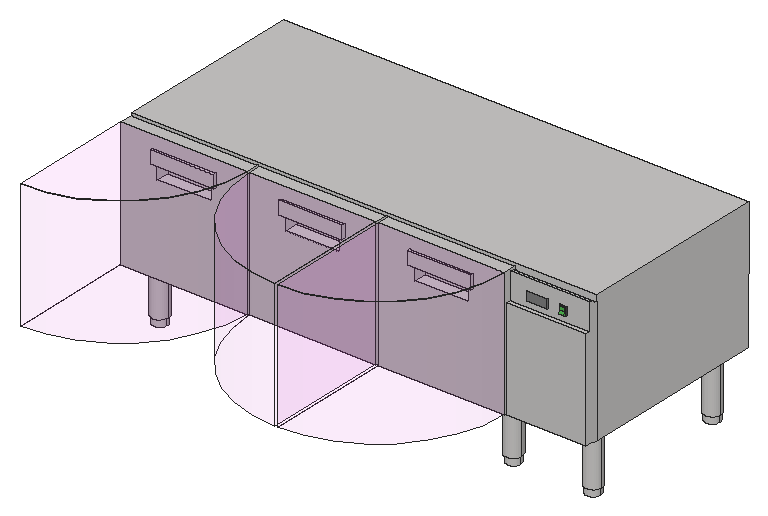
Revit family "QF_ELECTROLUXPROFESSIONAL_371373_E7TTCPCOMKN", category Specialty Equipment, Revit 2018 (continued)
Definition of nested family "01_Refrigerator"
  Lines and regions (mm)
    detail lines, in view "Ref. Level"
      curve 5: line (0, 35, 0) -> (-19.116, 56.873, 0)
      curve 6: line (-30.311, 17.5, 0) -> (-40, 45.883, 0)
      curve 7: line (-59.736, 11.7, 0) -> (-30.311, 17.5, 0)
      curve 8: line (-30.311, -17.5, 0) -> (-59.736, -11.7, 0)
      curve 9: line (-40, -45.883, 0) -> (-30.311, -17.5, 0)
      curve 10: line (0, -35, 0) -> (-19.116, -56.873, 0)
      curve 11: line (19.116, -56.873, 0) -> (0, -35, 0)
      curve 12: line (30.311, -17.5, 0) -> (39.696, -44.992, 0)
      curve 13: line (58.812, -11.882, 0) -> (30.311, -17.5, 0)
      curve 14: line (30.311, 17.5, 0) -> (58.812, 11.882, 0)
      curve 15: line (39.696, 44.992, 0) -> (30.311, 17.5, 0)
      curve 16: spline (-200, 0, 0) -> (-193.185, -23.294, 0) -> (-173.205, -45, 0) -> (-141.421, -63.64, 0) -> (-100, -77.942, 0) -> (-51.764, -86.933, 0) -> (0, -90, 0) -> (51.764, -86.933, 0) -> (100, -77.942, 0) -> (141.421, -63.64, 0) -> (173.205, -45, 0) -> (193.185, -23.294, 0) -> (200, 0, 0) -> (193.185, 23.294, 0) -> (173.205, 45, 0) -> (141.421, 63.64, 0) -> (100, 77.942, 0) -> (51.764, 86.933, 0) -> (0, 90, 0) -> (-51.764, 86.933, 0) -> (-100, 77.942, 0) -> (-141.421, 63.64, 0) -> (-173.205, 45, 0) -> (-193.185, 23.294, 0) -> (-200, 0, 0)
Types (2, lengths in mm): name | Volts | URL Manufacturer | URL | Manufacturer | Phase | Model | Item Number | Description | Cycle
  (no name) | 0 V | "" | "" | "" | 0 | "" | "" | "" | 0 Hz
  Standard | 220 V | "http://professional.electrolux.com" | "http://professional.electrolux.com" | "Electrolux Professional" | 1 | "E7TTCPCOMKN" | "371373" | "REFRIGERATED BASE WITH 3 DOORS 1600MM-60HZ - R290" | 60 Hz
